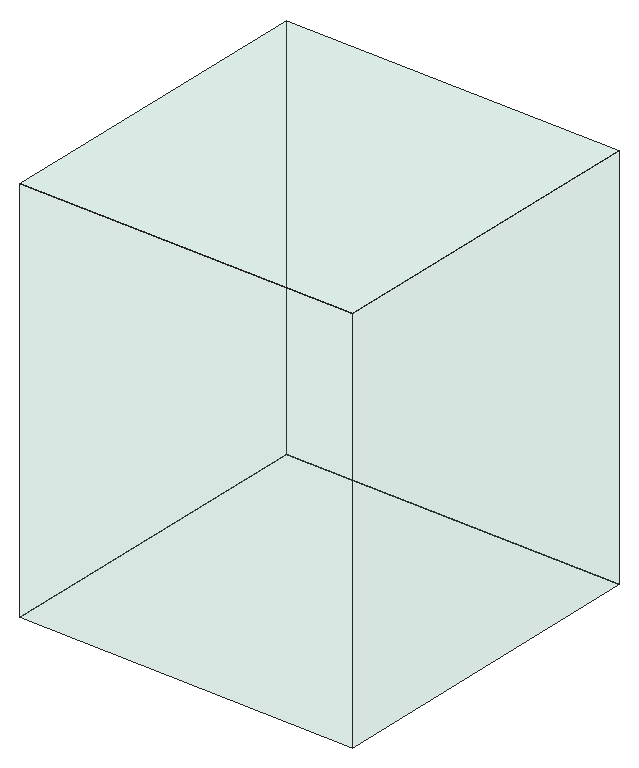
Revit family "FREE FLOATING CLEARANCE", category Generic Models, Revit 2025
Family settings
  Can host rebar = No
  Round Connector Dimension = Use Diameter
  Part Type = Normal
  Work Plane-Based = No
  Always vertical = Yes
  Cut with Voids When Loaded = No
  Maintain Annotation Orientation = No
  Shared = No
  Room Calculation Point = No
Parameters
  W [instance] = 2' - 0"
  L [instance] = 2' - 0"
  Default Elevation = 0' - 0"
  D [instance] = 2' - 4"
  Clearance Zone [instance] = yes
Reference planes (in)
  plane 1 "Center (Front/Back)": y = 0
  plane 2: z = 0
  plane 3 "Center (Left/Right)": x = 0
Forms (in)
  Extrusion 1, solid, material "Clearance Zone", visible <- "Clearance Zone"
    sketch origin (1, 0, 92) x (1, 0, 0) y (0, 1, 0)
      loop
        line (-13, 12) -> (-13, -12) -> (11, -12) -> (11, 12) -> (-13, 12)
    from 0 to 28
Dimensions and locks (in)
  "W": Extrusion 1 to Extrusion 1
  equal spacing: Extrusion 1, plane 3 "Center (Left/Right)", Extrusion 1
  equal spacing: Extrusion 1, plane 1 "Center (Front/Back)", Extrusion 1
  "L": Extrusion 1 to Extrusion 1
  "D": Extrusion 1 to Extrusion 1
  aligned and locked: plane 2 to level
Automatic sketch dimensions
  Extrusion 1 sketch curve to plane 3 "Center (Left/Right)" = 1' - 0"
  plane 3 "Center (Left/Right)" to Extrusion 1 sketch curve = 1' - 0"
  plane 1 "Center (Front/Back)" to Extrusion 1 sketch curve = 1' - 0"
  Extrusion 1 sketch curve to plane 1 "Center (Front/Back)" = 1' - 0"
